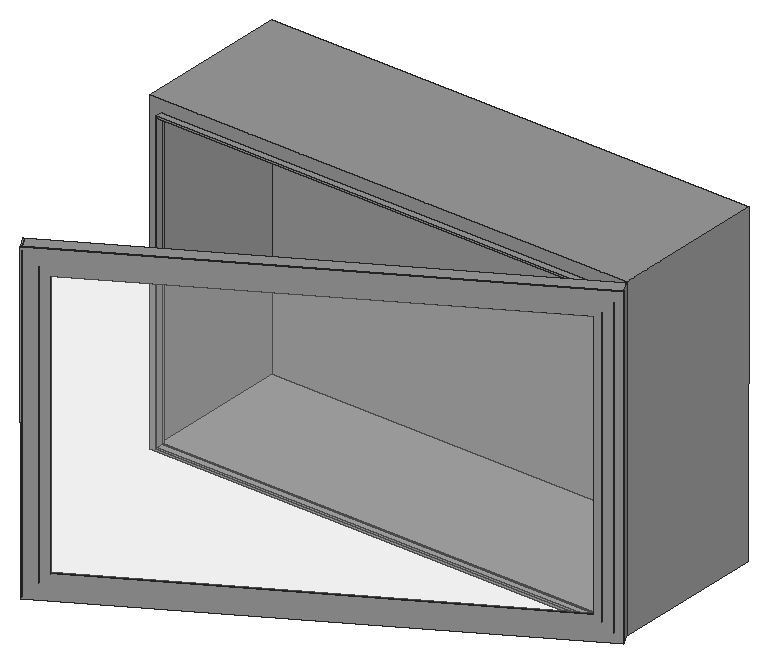
Revit family "Hager-Orion_Inox-IP66-D210-Cl.I-Inox_encl-630A-400mm-NoHosted-CH-fr", category Equipement électrique, Revit 2020
Family settings
  Configuration du panneau = Deux colonnes, circuits au sein
  Cote de connecteur circulaire = Utiliser le diamètre
  Type d'élément = Tableau de raccordement
  Basée sur le plan de construction = Oui
  Toujours verticalement = Oui
  Couper avec des vides une fois chargée = Non
  Partagée = Non
  Point de calcul de pièce = Non
Parameters (values of type "saillie IP66 L600 H400 P210  - FL017TWL")
  Width Control [instance] = if([EF000008 - largeur] > Min Width, [EF000008 - largeur], Min Width)  # 600 mm
  Commentaires du type = [HG000003 - Gamme]  # "Orion Inox"
  Thickness Door [instance] = if([EF009171 - épaisseur de matériau de la porte/du couvercle] > 3 mm, 3 mm, [EF009171 - épaisseur de matériau de la porte/du couvercle])  # 1.5 mm
  Seal Frame Offset [instance] = 17 mm  # constant formula
  Min Width [instance] = 100 mm  # constant formula
  Min Depth [instance] = (2 * [EF009170 - épaisseur de matériau du boîtier]) + 1 mm  # 4 mm
  Min Height [instance] = 100 mm  # constant formula
  Internal Frame Depth [instance] = -(Door System Depth * 0.5)  # -9 mm
  Panel Name [instance] = ""  # (empty or 0)
  Model = ""
  HG000027 - Hauteur du socle = 0 mm
  HG000026 - Installation au sol = no
  HG000024 - Hauteur de la section basse = 600 mm
  HG000023 - Armoire double section = no
  HG000016 - Visibilité de la porte 3D [instance] = yes
  HG000015 - Visibilité de l'emprise de la porte [instance] = no
  HG000014 - Porte à droite [instance] = yes
  HG000013 - Porte à gauche [instance] = not([HG000014 - Porte à droite])  # no
  HG000012 - Angle de pivotement de la porte [instance] = 30.00°
  HG000010 - Portes asymétriques = no
  HG000009 - Porte à double battant = no
  HG000006 - Encastré = no
  HG000004 - Référence fabricant = "FL017TWL"
  HG000003 - Gamme = "Orion Inox"
  HG000002 - avec porte = yes
  Frame Offset Bottom [instance] = 10 mm  # constant formula
  Frame Offset [instance] = 15 mm  # constant formula
  EF015940 - couvercle avec décharge de pression = no
  EF011959 - degré de protection (NEMA) = ""
  EF009554 - nombre d'ouvertures pour plaques à bride = 0
  EF009212 - finition du couvercle = "EV000116 - fermé"
  EF009171 - épaisseur de matériau de la porte/du couvercle = 1.5 mm
  EF009170 - épaisseur de matériau du boîtier = 1.5 mm
  EF008873 - courant nominal (In) = 630 A
  EF007800 - adapté à un parafoudre = no
  EF006306 - avec serrure = yes
  EF006244 - couvercle/porte transparent(e) = yes
  EF005474 - indice de protection (IP) = "EV006422 - IP66"
  EF004464 - type de porte = "EV002646 - unique"
  EF004427 - nombre de modules = 0
  EF004293 - indice de protection contre les chocs (IK) = "EV006814 - IK08"
  EF003532 - convient pour utilisation à l’extérieur = yes
  EF002950 - largeur en nombre de modules = 0
  EF001613 - maintien de fonction = "EV000494 - sans"
  EF001596 - matériau du boîtier/corps = "EV000166 - acier inoxydable"
  EF001131 - profondeur intérieure = 176 mm
  EF001088 - possibilité de montage en saillie = yes
  EF000437 - nombre d'entrées de conduit = 0
  EF000339 - type de capot = "EV004216 - porte"
  EF000266 - nombre de rangées = 0
  EF000218 - profondeur d'encastrement = 0 mm
  EF000118 - avec cadre/support de montage = no
  EF000116 - numéro RAL = ""
  EF000049 - profondeur = 210 mm
  EF000040 - hauteur = 400 mm
  EF000008 - largeur = 600 mm
  EF000007 - couleur = "EV000154 - autre"
  EF000003 - mode de pose = "EV000384 - saillie"
  Door System Leaf Tolerance [instance] = 1.5 mm  # constant formula
  Door System Depth [instance] = 18 mm  # constant formula
  Description = ""
  Default Elevation = 1219.2 mm
  Connector Offset [instance] = Height Control / 2  # 200 mm
  Fabricant = "Hager"  # constant formula
  Height Control [instance] = if([EF000040 - hauteur] > Min Height, [EF000040 - hauteur], Min Height)  # 400 mm
  Depth Control [instance] = if([EF000049 - profondeur] > Min Depth, [EF000049 - profondeur], Min Depth)  # 210 mm
Types (12, lengths in mm): name | Width Control | HG000004 - Référence fabricant | EF009212 - finition du couvercle | EF006306 - avec serrure | EF006244 - couvercle/porte transparent(e) | EF004293 - indice de protection contre les chocs (IK) | EF001613 - maintien de fonction | EF000008 - largeur
  saillie IP66 L300 H400 P210  - FL015BW | 300 | "FL015BW" | "EV000116 - fermé" | yes | no | "EV008784 - IK10" | "EV000494 - sans" | 300
  saillie IP66 L300 H400 P210  - FL015BWL | 300 | "FL015BWL" | "EV000116 - fermé" | yes | no | "EV008784 - IK10" | "EV000494 - sans" | 300
  saillie IP66 L300 H400 P210  - FL015TW | 300 | "FL015TW" | "EV000116 - fermé" | yes | yes | "EV006814 - IK08" | "EV000494 - sans" | 300
  saillie IP66 L300 H400 P210  - FL015TWL | 300 | "FL015TWL" | "EV000116 - fermé" | yes | yes | "EV006814 - IK08" | "EV000494 - sans" | 300
  saillie IP66 L400 H400 P210  - FL016BW | 400 | "FL016BW" | "EV009916 - avec échancrure" | no | no | "EV008784 - IK10" | "" | 400
  saillie IP66 L400 H400 P210  - FL016BWL | 400 | "FL016BWL" | "EV009916 - avec échancrure" | no | no | "EV008784 - IK10" | "" | 400
  saillie IP66 L400 H400 P210  - FL016TW | 400 | "FL016TW" | "EV000116 - fermé" | yes | yes | "EV006814 - IK08" | "EV000494 - sans" | 400
  saillie IP66 L400 H400 P210  - FL016TWL | 400 | "FL016TWL" | "EV000116 - fermé" | yes | yes | "EV006814 - IK08" | "EV000494 - sans" | 400
  saillie IP66 L600 H400 P210  - FL017BW | 600 | "FL017BW" | "EV000116 - fermé" | yes | no | "EV008784 - IK10" | "EV000494 - sans" | 600
  saillie IP66 L600 H400 P210  - FL017BWL | 600 | "FL017BWL" | "EV000116 - fermé" | yes | no | "EV008784 - IK10" | "EV000494 - sans" | 600
  saillie IP66 L600 H400 P210  - FL017TW | 600 | "FL017TW" | "EV000116 - fermé" | yes | yes | "EV006814 - IK08" | "EV000494 - sans" | 600
  saillie IP66 L600 H400 P210  - FL017TWL | 600 | "FL017TWL" | "EV000116 - fermé" | yes | yes | "EV006814 - IK08" | "EV000494 - sans" | 600
Reference planes
  plane 1 "Center (Front/Back)": y = 0
  plane 2: z = 0
  plane 3 "Center (Left/Right)": x = 0
  plane 4: y = 0
  plane 5: y = 0
  plane 6: z = 0
  plane 7: x = -300
  plane 8: x = 300
  plane 9: x = 298.5
  plane 10: x = -298.5
  plane 11: z = 0
  plane 12: z = 1.5
  plane 13: y = -210
  plane 14: y = -1.5
  plane 15: x = 0
  plane 16: y = -192
  plane 17: y = -208.5
  plane 18: y = -190.5
  plane 19: x = -283.5
  plane 20: x = 283.5
  plane 21: z = 11.5
  plane 22: x = -283
  plane 23: x = 283
  plane 24: z = 0
  plane 25: z = 400
  plane 26: z = 400
  plane 27: z = 383.5
  plane 28: z = 398.5
Forms (mm)
  Extrusion 1, solid, material "Hager_Stainless_Steel", detail levels medium+fine
    sketch origin (-208.679, -4572, 0) x (-1, 0, 0) y (0, -1, 0)
      loop
        line (91.321, -4380) -> (-508.679, -4380) -> (-508.679, -4572) -> (91.321, -4572) -> (91.321, -4380)
    from 0 to 400
  Extrusion 2, void
    sketch origin (-350.771, -210, 1219.2) x (1, 0, 0) y (0, 0, 1)
      loop
        line (52.271, -820.7) -> (52.271, -1217.7) -> (649.271, -1217.7) -> (649.271, -820.7) -> (52.271, -820.7)
    from -19.5 to -208.5
  Extrusion 3, void
    sketch origin (-290.084, -192, 1219.2) x (1, 0, 0) y (0, 0, 1)
      loop
        line (6.584, -1207.7) -> (573.584, -1207.7) -> (573.584, -835.7) -> (6.584, -835.7) -> (6.584, -1207.7)
    from 0 to -1.5
  Extrusion 4, solid, material "Hager_Stainless_Steel", detail levels fine
    sketch origin (-290.084, -192, 1219.2) x (-1, 0, 0) y (0, 0, 1)
      loop
        line (-573.584, -1207.7) -> (-6.584, -1207.7) -> (-6.584, -835.7) -> (-573.584, -835.7) -> (-573.584, -1207.7)
      loop
        line (-575.084, -1209.2) -> (-5.084, -1209.2) -> (-5.084, -834.2) -> (-575.084, -834.2) -> (-575.084, -1209.2)
    from 0 to -9 <- "Internal Frame Depth"
  Extrusion 5, solid, material "Hager_Stainless_Steel", detail levels coarse
    sketch origin (0, 0, 0) x (1, 0, 0) y (0, 1, 0)
      loop
        line (-300, 0) -> (-300, -210) -> (300, -210) -> (300, 0) -> (-300, 0)
    from 0 to 400 <- "Height Control"
Cuts and joins
  Extrusion 2, Extrusion 3 cuts Extrusion 1
Lines and regions (mm)
  Masking region 1
    outline origin (0, 0, 0) x (1, 0, 0) y (0, 1, 0)
      loop
        line (-300, 0) -> (-300, -210) -> (300, -210) -> (300, 0) -> (-300, 0)
  Masking region 2
    outline origin (-290.084, -192, 1219.2) x (-1, 0, 0) y (0, 0, 1)
      loop
        line (-590.084, -1219.2) -> (9.916, -1219.2) -> (9.916, -819.2) -> (-590.084, -819.2) -> (-590.084, -1219.2)
  Masking region 3, detail levels coarse
    outline origin (0, 0, 0) x (0, 1, 0) y (0, 0, 1)
      loop
        line (0, 0) -> (0, 400) -> (-210, 400) -> (-210, 0) -> (0, 0)
  Masking region 4, detail levels medium+fine
    outline origin (0, 0, 594.038) x (0, 1, 0) y (0, 0, 1)
      loop
        line (0, -594.038) -> (0, -194.038) -> (-192, -194.038) -> (-192, -594.038) -> (0, -594.038)
Dimensions and locks
  locked: plane 1 "Center (Front/Back)" to plane 5
  "EF009170 - épaisseur de matériau du boîtier": plane 7 to plane 10
  "EF009170 - épaisseur de matériau du boîtier": plane 8 to plane 9
  equal spacing: plane 7, plane 3 "Center (Left/Right)", plane 8
  "Width Control": plane 7 to plane 8
  "Depth Control": plane 4 to plane 13
  "EF009170 - épaisseur de matériau du boîtier": plane 4 to plane 14
  "Height Control": plane 25 to level
  "EF009170 - épaisseur de matériau du boîtier": plane 12 to plane 11
  "EF009170 - épaisseur de matériau du boîtier": plane 17 to plane 13
  "EF009170 - épaisseur de matériau du boîtier": plane 18 to plane 16
  "Frame Offset Bottom": plane 21 to plane 12
  "Frame Offset": plane 10 to plane 19
  "Frame Offset": plane 9 to plane 20
  "Door System Depth": plane 16 to plane 13
  "Seal Frame Offset": plane 7 to plane 22
  "Seal Frame Offset": plane 8 to plane 23
  "EF009170 - épaisseur de matériau du boîtier": plane 26 to plane 28
  "Frame Offset": plane 28 to plane 27
  "Connector Offset": plane 2 to connector elem
  "Thickness Door": cut or joined group of Extrusion 1, Extrusion 2, Extrusion 3 to Extrusion 4 sketch curve
  "Thickness Door": Extrusion 4 sketch curve to plane 19
  "Thickness Door": Extrusion 4 sketch curve to plane 20
  "Thickness Door": Extrusion 4 sketch curve to plane 27
  aligned and locked: Extrusion 2 sketch curve to plane 12
  aligned and locked: Extrusion 2 sketch curve to plane 9
  aligned and locked: Extrusion 2 sketch curve to plane 10
  aligned and locked: plane 14 to Extrusion 2
  aligned and locked: plane 4 to Extrusion 1 sketch curve
  aligned and locked: plane 8 to Extrusion 1 sketch curve
  aligned and locked: plane 7 to Extrusion 1 sketch curve
  aligned and locked: Extrusion 2 to plane 18
  aligned and locked: plane 19 to Extrusion 3 sketch curve
  aligned and locked: plane 20 to Extrusion 3 sketch curve
  aligned and locked: Extrusion 3 to Extrusion 2
  aligned and locked: Extrusion 3 sketch curve to plane 21
  aligned and locked: plane 3 "Center (Left/Right)" to nested 1
  aligned and locked: Extrusion 1 sketch curve to plane 16
  aligned and locked: Masking region 1 sketch curve to plane 7
  aligned and locked: Masking region 1 sketch curve to plane 5
  aligned and locked: Masking region 1 sketch curve to plane 8
  aligned and locked: Masking region 2 sketch curve to level
  aligned and locked: level to Masking region 3 sketch curve
  aligned and locked: plane 1 "Center (Front/Back)" to Masking region 3 sketch curve
  aligned and locked: plane 13 to Masking region 3 sketch curve
  aligned and locked: Masking region 2 sketch curve to plane 8
  aligned and locked: Masking region 2 sketch curve to plane 7
  aligned and locked: plane 7 to nested 2
  aligned and locked: nested 2 to plane 5
  aligned and locked: plane 5 to Masking region 4 sketch curve
  aligned and locked: plane 26 to Masking region 4 sketch curve
  aligned and locked: Extrusion 5 sketch curve to plane 8
  aligned and locked: Extrusion 5 sketch curve to plane 7
  aligned and locked: Extrusion 5 sketch curve to plane 5
  aligned and locked: Extrusion 3 sketch curve to plane 27
  aligned and locked: Extrusion 2 sketch curve to plane 28
  aligned and locked: Extrusion 4 sketch curve to plane 27
  aligned and locked: Extrusion 4 sketch curve to plane 20
  aligned and locked: Extrusion 4 sketch curve to plane 21
  aligned and locked: Extrusion 4 sketch curve to plane 19
  aligned and locked: Masking region 2 to plane 25
  aligned and locked: Masking region 4 sketch curve to plane 24
  aligned and locked: Masking region 1 to plane 13
  aligned and locked: nested 1 to plane 16
  aligned and locked: Masking region 3 to plane 25
  aligned and locked: Masking region 4 sketch curve to plane 16
  aligned and locked: plane 24 to plane 11
  aligned and locked: plane 26 to plane 25
  aligned and locked: level to plane 24
  aligned and locked: Extrusion 1 to Masking region 3
  aligned and locked: level to nested 1
Automatic sketch dimensions
  Extrusion 5 sketch curve to plane 13 = 0 mm
  plane 27 to Masking region 2 sketch curve = 16.5 mm
  plane 27 to Masking region 3 sketch curve = 16.5 mm
  Masking region 1 sketch curve to plane 13 = 0 mm
  Extrusion 3 sketch curve to plane 21 = 0 mm
  plane 19 to Extrusion 3 sketch curve = 0 mm
  Extrusion 3 sketch curve to plane 20 = 0 mm
Nested families
  nested 1: "EC000058_OrionInox_Door" at (0, -192, 0), Double <- "HG000009 - Porte à double battant", Transparent <- "EF006244 - couvercle/porte transparent(e)", Angle <- "HG000012 - Angle de pivotement de la porte", Door_Right <- "HG000014 - Porte à droite", Assymetrical <- "HG000010 - Portes asymétriques", Door <- "HG000002 - avec porte", Width_Ctrl <- "Width Control", 3d_Door <- "HG000016 - Visibilité de la porte 3D", Clearance <- "HG000015 - Visibilité de l'emprise de la porte", Door_Left <- "HG000013 - Porte à gauche", Width <- "Width Control", Door_Depth <- "Door System Depth", Leaf_Tolerance <- "Door System Leaf Tolerance", Height <- "Height Control", Thickness <- "Thickness Door", type "EC000058_OrionInox_Door", detail levels medium+fine
    with min_wh 4 mm, Width_Ctrl 600 mm, Width 600 mm, Transparent yes, Thickness 1.5 mm, Seal_Material Hager_Rubber, Leaf_Width 600 mm, Leaf_Tolerance_External_Sides 0 mm, Leaf_Tolerance 1.5 mm, Leaf_Offset 0 mm, Leaf_Height 397 mm, Leaf_2_Width 600 mm, Leaf_2_Offset 300 mm, Leaf_1_Width 600 mm, Leaf_1_Offset 300 mm, Height_Ctrl 400 mm, Height 400 mm, Glass_Material Hager_Glass, Double_Clearance_Ctrl no, Double no, Door_Right_Ctrl yes, Door_Right yes, Door_Material Hager_Stainless_Steel, Door_Left_Ctrl no, Door_Left no, Door_Depth 18 mm, Door yes, Clearance_Material Hager_Clearance, Clearance_Depth 600 mm, Clearance_Ctrl no, Clearance no, Assymetrical no, Angle 30.00°, 3d_Door yes
  nested 2: "Hager_Enclosure_Symbol" at (-300, 0, 0), Height <- "Depth Control", Width <- "Width Control", type "Hager_Enclosure_Symbol"
    with Width_Ctrl 600 mm, Width 600 mm, Height_Ctrl 210 mm, Height 210 mm, A_Width_Int 13.781 mm, A_Width 165.375 mm, A_Height_Ctrl 183.75 mm, A_Height 183.75 mm
Connectors
  electrical at (0, 0, 200)
    settings: on plane 1 "Center (Front/Back)", index 1, voltage 0 V, apparent load 0 VA, apparent load phase1 0 VA, apparent load phase2 0 VA, apparent load phase3 0 VA, power factor 1, load classification "Other", number of poles 1, system type 30, power factor state 1, is connector primary yes, connector utility no, sub classification motor no, connector description ""
Definition of nested family "EC000058_OrionInox_Door"
  Parameters (values of type "EC000058_OrionInox_Door")
    min_wh [instance] = (2 * Thickness) + 1 mm  # 11 mm
    Width_Ctrl [instance] = 400 mm
    Width [instance] = 500 mm
    Transparent [instance] = yes
    Thickness [instance] = 5 mm
    Seal_Material [instance] = none
    Leaf_Width [instance] = if((Width_Ctrl - 2 * Leaf_Tolerance_External_Sides) > 0 mm, (Width_Ctrl - 2 * Leaf_Tolerance_External_Sides), min_wh)  # 400 mm
    Leaf_Tolerance_External_Sides [instance] = 0 mm  # constant formula
    Leaf_Tolerance [instance] = 1.5 mm
    Leaf_Offset [instance] = 0 mm  # constant formula
    Leaf_Height [instance] = if((Height_Ctrl - 2 * Leaf_Tolerance) > 0 mm, (Height_Ctrl - 2 * Leaf_Tolerance), min_wh)  # 497 mm
    Leaf_2_Width [instance] = if(and(and(Double, Assymetrical), Door_Left), (Leaf_Width / 3) - (Leaf_Tolerance / 2), if(and(and(Double, Assymetrical), Door_Right), (Leaf_Width / 3) * 2 - (Leaf_Tolerance / 2), if(and(Double, not(Assymetrical)), (Leaf_Width / 2) - Leaf_Tolerance, Leaf_Width)))  # 400 mm
    Leaf_2_Offset [instance] = if(and(Double, Assymetrical), Leaf_2_Width / 2, if(and(Double, not(Assymetrical)), Leaf_Width / 4, Leaf_Width / 2))  # 200 mm
    Leaf_1_Width [instance] = if(and(and(Double, Assymetrical), Door_Right), (Leaf_Width / 3) - (Leaf_Tolerance / 2), if(and(and(Double, Assymetrical), Door_Left), (Width / 3) * 2 - (Leaf_Tolerance / 2), if(and(Double, not(Assymetrical)), (Leaf_Width / 2) - Leaf_Tolerance, Leaf_Width)))  # 400 mm
    Leaf_1_Offset [instance] = if(and(Double, Assymetrical), Leaf_1_Width / 2, if(and(Double, not(Assymetrical)), Leaf_Width / 4, Leaf_Width / 2))  # 200 mm
    Height_Ctrl [instance] = if(Height > min_wh, Height, min_wh)  # 500 mm
    Height [instance] = 500 mm
    Glass_Material [instance] = none
    Double_Clearance_Ctrl [instance] = and(Double, Clearance)  # no
    Double [instance] = no
    Door_Right_Ctrl [instance] = and(or(Door_Right, Double), Door)  # yes
    Door_Right [instance] = yes
    Door_Material [instance] = none
    Door_Left_Ctrl [instance] = and(or(Door_Left, Double), Door)  # no
    Door_Left [instance] = no
    Door_Depth [instance] = 30 mm
    Door [instance] = yes
    Default Elevation = 1219.2 mm
    Clearance_Material [instance] = none
    Clearance_Depth [instance] = if(Leaf_1_Width > Leaf_2_Width, Leaf_1_Width, Leaf_2_Width)  # 400 mm
    Clearance_Ctrl [instance] = and(not(Double), Clearance)  # yes
    Clearance [instance] = yes
    Assymetrical [instance] = yes
    Angle [instance] = 30.00°
    3d_Door [instance] = yes
  Reference planes
    plane 1 "Center (Front/Back)": y = 0
    plane 2 "Bottom": z = 0
    plane 3 "Center (Left/Right)": x = 0
    plane 4: z = 500
    plane 5: x = -200
    plane 6: x = 200
    plane 7: z = 500
    plane 8: x = -200
    plane 9: z = 0
    plane 10: x = 200
    plane 11: y = 0
    plane 12: z = 1.5
    plane 13: x = -600
    plane 14: y = -400
    plane 15: x = 600
    plane 16: x = 0
    plane 17: x = 0
    plane 18: x = -200
    plane 19: x = 200
    plane 20: z = 498.5
  Forms (mm)
    Extrusion 1, solid, material <- "Clearance_Material", visible <- "Double_Clearance_Ctrl"
      sketch origin (1200, 0, 0) x (1, 0, 0) y (0, 0, -1)
        loop
          line (-1800, -498.5) -> (-600, -498.5) -> (-600, 0) -> (-1800, 0) -> (-1800, -498.5)
      from 0 to -400
  Dimensions and locks
    equal spacing: plane 5, plane 3 "Center (Left/Right)", plane 6
    "Width_Ctrl": plane 5 to plane 6
    "Leaf_Offset": plane 5 to plane 8
    "Leaf_Offset": plane 6 to plane 10
    "Leaf_Offset": plane 9 to level
    "Leaf_Offset": plane 4 to plane 7
    "Height_Ctrl": plane 4 to level
    "Leaf_Tolerance": plane 12 to plane 9
    locked: plane 11 to plane 1 "Center (Front/Back)"
    "Leaf_1_Offset": plane 18 to plane 16
    "Leaf_2_Offset": plane 17 to plane 19
    "Leaf_1_Width": plane 13 to plane 8
    "Leaf_2_Width": plane 10 to plane 15
    "Clearance_Depth": plane 14 to plane 1 "Center (Front/Back)"
    "Leaf_Tolerance_External_Sides": plane 8 to plane 18
    "Leaf_Tolerance_External_Sides": plane 19 to plane 10
    "Leaf_Tolerance": plane 7 to plane 20
    aligned and locked: level to plane 2 "Bottom"
    aligned and locked: nested 1 to plane 16
    aligned and locked: nested 2 to plane 17
    aligned and locked: Extrusion 1 to plane 13
    aligned and locked: plane 15 to Extrusion 1
    aligned and locked: Extrusion 1 to plane 14
    aligned and locked: plane 12 to nested 1
    aligned and locked: nested 2 to plane 12
    aligned and locked: Extrusion 1 to plane 11
    aligned and locked: plane 20 to Extrusion 1
    aligned and locked: nested 2 to plane 11
    aligned and locked: nested 1 to plane 11
  Automatic sketch dimensions
    Extrusion 1 sketch curve to level = 0 mm
    plane 5 to Extrusion 1 sketch curve = 400 mm
    plane 6 to Extrusion 1 sketch curve = 400 mm
    Extrusion 1 sketch curve to plane 4 = 1.5 mm
  Nested families
    nested 1: "EC000058_OrionInox_Door_Leaf" at (0, 0, 1.5), Width <- "Leaf_1_Width", visible <- "Door_Left_Ctrl", Leaf_Height <- "Leaf_Height", Angle <- "Angle", 3d_Door <- "3d_Door", Transparent <- "Transparent", Clearance Material <- "Clearance_Material", Clearance <- "Clearance_Ctrl", Door_Material <- "Door_Material", Glass_Material <- "Glass_Material", Door_Depth <- "Door_Depth", Seal_Material <- "Seal_Material", Thickness <- "Thickness", type "EC000058_OrionInox_Door_Leaf"
      with Width 400 mm, Transparent_Ctrl yes, Transparent yes, Thickness 5 mm, Standard no, Seal_Material none, Seal_D2 8 mm, Seal_D1 1 mm, Offset_Internal_Frame 10 mm, Lock_Width 28 mm, Lock_Thickness 2 mm, Lock_Radius 6 mm, Leaf_Height 497 mm, Internal_Seal_Thickness 8 mm, Internal_Seal_Depth_2 4.5 mm, Internal_Frame_Depth 25 mm, Glass_Thickness -1 mm, Glass_Offset -2 mm, Glass_Material none, Door_Material none, Door_Depth 30 mm, Clearance Material none, Clearance yes, Angle_Ctrl 30.00°, Angle 30.00°, 3d_Door yes
    nested 2: "EC000058_OrionInox_Door_Leaf" at (0, 0, 1.5) x (-1, 0, 0) z (0, 0, 1), Width <- "Leaf_2_Width", visible <- "Door_Right_Ctrl", Leaf_Height <- "Leaf_Height", Angle <- "Angle", 3d_Door <- "3d_Door", Transparent <- "Transparent", Clearance Material <- "Clearance_Material", Clearance <- "Clearance_Ctrl", Door_Material <- "Door_Material", Glass_Material <- "Glass_Material", Door_Depth <- "Door_Depth", Seal_Material <- "Seal_Material", Thickness <- "Thickness", type "EC000058_OrionInox_Door_Leaf"
      with Width 400 mm, Transparent_Ctrl yes, Transparent yes, Thickness 5 mm, Standard no, Seal_Material none, Seal_D2 8 mm, Seal_D1 1 mm, Offset_Internal_Frame 10 mm, Lock_Width 28 mm, Lock_Thickness 2 mm, Lock_Radius 6 mm, Leaf_Height 497 mm, Internal_Seal_Thickness 8 mm, Internal_Seal_Depth_2 4.5 mm, Internal_Frame_Depth 25 mm, Glass_Thickness -1 mm, Glass_Offset -2 mm, Glass_Material none, Door_Material none, Door_Depth 30 mm, Clearance Material none, Clearance yes, Angle_Ctrl 30.00°, Angle 30.00°, 3d_Door yes
  Definition of nested family "EC000058_OrionInox_Door_Leaf"
    Parameters (values of type "EC000058_OrionInox_Door_Leaf")
      Width [instance] = 450 mm
      Transparent_Ctrl [instance] = and(Transparent, [3d_Door])  # yes
      Transparent [instance] = yes
      Thickness [instance] = 5 mm
      Standard [instance] = and(not(Transparent), [3d_Door])  # no
      Seal_Material [instance] = none
      Seal_D2 [instance] = 8 mm  # constant formula
      Seal_D1 [instance] = 1 mm  # constant formula
      Offset_Internal_Frame [instance] = 10 mm  # constant formula
      Lock_Width [instance] = Door_Depth - Lock_Thickness  # 28 mm
      Lock_Thickness [instance] = 2 mm  # constant formula
      Lock_Radius [instance] = 6 mm  # constant formula
      Leaf_Height [instance] = 450 mm
      Internal_Seal_Thickness [instance] = 8 mm  # constant formula
      Internal_Seal_Depth_2 [instance] = 4.5 mm  # constant formula
      Internal_Frame_Depth [instance] = if(Door_Depth - Thickness > 5 mm, Door_Depth - Thickness, 5 mm)  # 25 mm
      Glass_Thickness [instance] = if(Thickness > 15 mm, Glass_Offset + 10 mm, -1 mm)  # -1 mm
      Glass_Offset [instance] = if(Thickness > 15 mm, -(Thickness + 10 mm) / 2, -2 mm)  # -2 mm
      Glass_Material [instance] = none
      Door_Material [instance] = none
      Door_Depth [instance] = 30 mm
      Default Elevation = 0 mm
      Clearance Material [instance] = none
      Clearance [instance] = yes
      Angle_Ctrl [instance] = if(Angle > 180.00°, 180.00°, Angle)  # 90.00°
      Angle [instance] = 90.00°
      3d_Door [instance] = yes
    Reference planes
      plane 1 "Center (Front/Back)": y = 0
      plane 2: z = 0
      plane 3 "Center (Left/Right)": x = 0
      plane 4: y = 450
      plane 5: x = -225
      plane 6: x = 225
      plane 7: x = -675
      plane 8: z = 450
      plane 9: z = 30
      plane 10: z = 420
      plane 11: x = 195
      plane 12: x = -195
      plane 13: y = -3
      plane 14: z = 107.833
      plane 15: y = -5
      plane 16: y = -223.314
      plane 17: x = -225
      plane 18: y = 30
    Forms (mm)
      Extrusion 1, solid, material <- "Clearance Material", visible <- "Clearance"
        sketch origin (0, 0, 0) x (1, 0, 0) y (0, 0, 1)
          loop
            line (-675, 450) -> (-675, 0) -> (225, 0) -> (225, 450) -> (-675, 450)
        from 0 to -450
      Extrusion 2, solid, material <- "Door_Material", visible <- "Standard", detail levels medium+fine
        sketch origin (-225, 0, 0) x (0, 1, 0) y (-1, 0, 0)
          loop
            line (0, 30) -> (0, 25) -> (450, 25) -> (450, 30) -> (0, 30)
        from 0 to 450 <- "Leaf_Height"
      Extrusion 3, solid, material <- "Door_Material", visible <- "Transparent_Ctrl", detail levels medium+fine
        sketch origin (-225, 0, 0) x (0, 1, 0) y (-1, 0, 0)
          loop
            line (0, 25) -> (450, 25) -> (450, 30) -> (0, 30) -> (0, 25)
        from 0 to 450 <- "Leaf_Height"
      Extrusion 4, void
        sketch origin (-250, 450, 0) x (0, 1, 0) y (0, 0, -1)
          loop
            line (-30, -420) -> (-30, -30) -> (-420, -30) -> (-420, -420) -> (-30, -420)
        from 0 to 5 <- "Thickness"
      Sweep 5, solid, material <- "Seal_Material", visible <- "Transparent_Ctrl", detail levels fine
        path in 3D
          loop
            line (-250, 30, 30) -> (-250, 30, 420) -> (-250, 420, 420) -> (-250, 420, 30) -> (-250, 30, 30)
        profile origin (-250, 225, 30) x (1, 0, 0) y (0, 0, 1)
          loop
            line (0, 0) -> (0, -8) -> (1, -8) -> (1, 0) -> (0, 0)
      Extrusion 6, solid, material <- "Glass_Material", visible <- "Transparent_Ctrl", detail levels medium+fine
        sketch origin (-255, 0, 0) x (0, 1, 0) y (0, 0, -1)
          loop
            line (420, -420) -> (420, -30) -> (30, -30) -> (30, -420) -> (420, -420)
        from -2 <- "Glass_Offset" to -1 <- "Glass_Thickness"
      Extrusion 7, solid, material <- "Door_Material", visible <- "3d_Door", detail levels medium+fine
        sketch origin (-250, 450, 0) x (0, -1, 0) y (0, 0, -1)
          loop
            line (0, -450) -> (450, -450) -> (450, 0) -> (0, 0) -> (0, -450)
          loop
            line (445, -5) -> (5, -5) -> (5, -445) -> (445, -445) -> (445, -5)
        from 0 to 25 <- "Internal_Frame_Depth"
      Sweep 8, solid, material <- "Seal_Material", visible <- "Transparent_Ctrl", detail levels fine
        path in 3D
          loop
            line (-250, 0, 0) -> (-250, 450, 0) -> (-250, 450, 450) -> (-250, 0, 450) -> (-250, 0, 0)
        profile origin (-250, 0, 225) x (1, 0, 0) y (0, 1, 0)
          loop
            line (0, 10) -> (2.975, 10)
            arc (2.975, 10) -> (4.053, 10.447) -> (4.5, 11.525) r 1.525
            line (4.5, 11.525) -> (4.5, 16.527)
            arc (4.5, 16.527) -> (4.069, 17.569) -> (3.027, 18) r 1.473
            line (3.027, 18) -> (0, 18) -> (0, 10)
    Cuts and joins
      Extrusion 4 cuts Extrusion 3
    Lines and regions (mm)
      Masking region 1, detail levels medium+fine
        outline origin (0, 0, 0) x (0, 1, 0) y (0, 0, 1)
          loop
            line (0, 0) -> (30, 0) -> (30, 450) -> (0, 450) -> (0, 0)
      Masking region 2, detail levels medium+fine
        outline origin (0, 0, 0) x (1, 0, 0) y (0, 0, 1)
          loop
            line (-225, 450) -> (-225, 0) -> (225, 0) -> (225, 450) -> (-225, 450)
      symbolic lines
        curve 1: line (225, 0, 0) -> (-675, 0, 0)
        curve 2: arc (225, 0, 0) -> (-225, 450, 0) -> (-675, 0, 0) r 450
        curve 4: line (-255, 0, 0) -> (-255, 450, 0)
      reference lines
        curve 3: line (-225, 0, 0) -> (-225, 450, 0)
      symbolic lines, detail levels medium+fine
        curve 5: line (-255, 450, 0) -> (-250, 450, 0)
        curve 7: line (-250, 0, 0) -> (-255, 0, 0)
        curve 8: line (-250, 0, 0) -> (-225, 0, 0)
        curve 9: line (-225, 0, 0) -> (-225, 450, 0)
        curve 10: line (-225, 450, 0) -> (-250, 450, 0)
      symbolic lines, detail levels fine
        curve 6: line (-250, 450, 0) -> (-250, 0, 0)
      sketch lines
        curve 11: line (-250, 0, 450) -> (-250, 0, 0)
        curve 12: line (-250, 450, 0) -> (-250, 0, 0)
        curve 13: line (-250, 450, 450) -> (-250, 450, 0)
        curve 14: line (-250, 0, 450) -> (-250, 450, 450)
        curve 15: line (-250, 420, 30) -> (-250, 30, 30)
        curve 16: line (-250, 30, 30) -> (-250, 30, 420)
        curve 17: line (-250, 420, 420) -> (-250, 420, 30)
        curve 18: line (-250, 30, 420) -> (-250, 420, 420)
      symbolic lines, visible <- "Transparent", detail levels medium+fine
        curve 19: line (-195, 0, 420) -> (195, 0, 420)
        curve 20: line (-195, 0, 30) -> (-195, 0, 420)
        curve 21: line (195, 0, 30) -> (-195, 0, 30)
        curve 22: line (195, 0, 420) -> (195, 0, 30)
    Dimensions and locks
      "Width": plane 1 "Center (Front/Back)" to plane 4
      equal spacing: plane 5, plane 3 "Center (Left/Right)", plane 6
      "Width": plane 5 to plane 6
      "Width": plane 7 to plane 5
      "Leaf_Height": plane 8 to level
      "Width": curve 5 to curve 3
      "Width": curve 3 to curve 3
      plane 8 to plane 10 = 30 mm
      plane 9 to level = 30 mm
      plane 12 to plane 5 = 30 mm
      plane 6 to plane 11 = 30 mm
      Extrusion 4 sketch curve to Extrusion 3 = 30 mm
      Extrusion 3 to Extrusion 4 sketch curve = 30 mm
      Extrusion 1 to Extrusion 4 sketch curve = 30 mm
      curve 3 to Extrusion 4 sketch curve = 30 mm
      Extrusion 4 sketch curve to cut or joined group of Extrusion 3, Extrusion 4 = 30 mm
      cut or joined group of Extrusion 3, Extrusion 4 to Extrusion 6 sketch curve = 30 mm
      cut or joined group of Extrusion 3, Extrusion 4 to Extrusion 4 sketch curve = 30 mm
      "Thickness": curve 6 to curve 4
      "Thickness": Extrusion 7 sketch curve to Extrusion 7 sketch curve  (x4)
      "Door_Depth": curve 4 to curve 3
      "Offset_Internal_Frame": profile plane to Sweep 8 sketch curve
      "Internal_Seal_Thickness": Sweep 8 sketch curve to Sweep 8 sketch curve
      "Internal_Seal_Depth_2": profile plane to Sweep 8 sketch curve
      "Seal_D1": profile plane to Sweep 5 sketch curve
      "Seal_D2": profile plane to Sweep 5 sketch curve
      "Thickness": Extrusion 2 sketch curve to Extrusion 2 sketch curve
      "Door_Depth": plane 18 to plane 1 "Center (Front/Back)"
      radius of Sweep 8 sketch curve = 1.525 mm
      radius of Sweep 8 sketch curve = 1.473 mm
      "Angle_Ctrl": angle plane 1 "Center (Front/Back)" to curve 3
      aligned and locked: level to plane 2
      aligned and locked: Extrusion 1 to curve 1
      aligned and locked: plane 6 to Extrusion 1
      aligned and locked: plane 1 "Center (Front/Back)" to Extrusion 1
      aligned and locked: plane 4 to Extrusion 1
      aligned and locked: plane 8 to Extrusion 1
      aligned and locked: curve 7 to Extrusion 2 sketch curve
      aligned and locked: curve 5 to Extrusion 2 sketch curve
      aligned and locked: curve 7 to Extrusion 3 sketch curve
      aligned and locked: Extrusion 3 sketch curve to curve 4
      aligned and locked: Extrusion 3 sketch curve to curve 6
      aligned and locked: Extrusion 3 sketch curve to curve 5
      aligned and locked: curve 9 to curve 3
      aligned and locked: Extrusion 7 sketch curve to cut or joined group of Extrusion 3, Extrusion 4  (x4)
      aligned and locked: plane 17 to curve 3
      aligned and locked: plane 1 "Center (Front/Back)" to curve 3
      aligned and locked: plane 17 to plane 5
      aligned and locked: Sweep 8 sketch curve to profile plane
      aligned and locked: Sweep 5 sketch curve to profile plane  (x2)
      aligned and locked: plane 1 "Center (Front/Back)" to Masking region 1 sketch curve
      aligned and locked: plane 18 to Masking region 1 sketch curve
      aligned and locked: level to Masking region 1 sketch curve
      aligned and locked: Masking region 1 sketch curve to plane 8
      aligned and locked: plane 17 to Masking region 2 sketch curve
      aligned and locked: level to Masking region 2 sketch curve
      aligned and locked: Masking region 2 sketch curve to plane 8
      aligned and locked: plane 12 to curve 20
      aligned and locked: plane 10 to curve 19
      aligned and locked: plane 11 to curve 22
      aligned and locked: plane 9 to curve 21
      aligned and locked: Extrusion 2 sketch curve to cut or joined group of Extrusion 3, Extrusion 4
    Automatic sketch dimensions
      plane 1 "Center (Front/Back)" to curve 2 = 0 mm
      curve 2 to plane 5 = 0 mm
      Extrusion 1 sketch curve to level = 0 mm
      Extrusion 1 sketch curve to plane 7 = 0 mm
      Extrusion 1 sketch curve to plane 6 = 0 mm
      Extrusion 1 sketch curve to plane 8 = 0 mm
      Extrusion 3 to Extrusion 6 sketch curve = 30 mm  (x4)
      Masking region 2 sketch curve to plane 6 = 0 mm
      curve 4 to curve 3 = 0 mm
Definition of nested family "Hager_Enclosure_Symbol"
  Parameters (values of type "Hager_Enclosure_Symbol")
    Width_Ctrl [instance] = if(Width > 1 mm, Width, 1 mm)  # 102.27 mm
    Width [instance] = 102.27 mm
    Height_Ctrl [instance] = if(Height > 1 mm, Height, 1 mm)  # 66.5 mm
    A_Width_Int [instance] = if(A_Width / 12 > 2 mm, A_Width / 12, 2 mm)  # 4.364 mm
    A_Width [instance] = if(A_Height_Ctrl * 0.9 > 2 mm, A_Height_Ctrl * 0.9, 2 mm)  # 52.369 mm
    A_Height_Ctrl [instance] = if(A_Height > 2 mm, A_Height, 2 mm)  # 58.188 mm
    Height [instance] = 66.5 mm
    A_Height [instance] = Height - (Height / 8)  # 58.188 mm
  Reference planes
    plane 1 "Centre (avant/arrière)": y = 0
    plane 2: z = 0
    plane 3 "Centre (gauche/droite)": x = 0
    plane 4: x = 52.369
    plane 5: y = 33.042
    plane 6: y = 41.77
    plane 7: y = 66.5
    plane 8: x = 26.184
    plane 9: y = 37.406
    plane 10: x = 102.27
    plane 11: y = 66.5
    plane 12: y = 8.313
  Lines and regions (mm)
    Filled region 1, type "Solid_Black", in view "Niveau de réf."
      outline origin (0, 0, 0) x (1, 0, 0) y (0, 1, 0)
        loop
          line (52.369, 66.5) -> (33.188, 54.536) -> (45.365, 45.006) -> (52.369, 66.5)
    Filled region 2, type "Solid_Black", in view "Niveau de réf."
      outline origin (0, 0, 0) x (1, 0, 0) y (0, 1, 0)
        loop
          line (0, 0) -> (102.27, 0) -> (102.27, 66.5) -> (0, 0)
    detail lines, in view "Niveau de réf."
      curve 1: line (0, 8.313, 0) -> (26.184, 41.77, 0)
      curve 2: line (26.184, 41.77, 0) -> (26.184, 33.042, 0)
      curve 3: line (26.184, 33.042, 0) -> (52.369, 66.5, 0)
  Dimensions and locks
    "A_Width": plane 3 "Centre (gauche/droite)" to plane 4
    equal spacing: plane 3 "Centre (gauche/droite)", plane 8, plane 4
    equal spacing: plane 6, plane 9, plane 5
    equal spacing: curve 3, Filled region 1 sketch curve, Filled region 1 sketch curve
    "Height_Ctrl": plane 1 "Centre (avant/arrière)" to plane 11
    "A_Height_Ctrl": plane 11 to plane 12
    equal spacing: plane 11, plane 9, plane 12
    "A_Width_Int": plane 6 to plane 9
    "Width_Ctrl": plane 3 "Centre (gauche/droite)" to plane 10
    angle Filled region 1 sketch curve to curve 3 = 20.00°
    angle curve 3 to Filled region 1 sketch curve = 20.00°
    locked: curve 3 to Filled region 1 sketch curve (angle 90.00°)
    aligned and locked: plane 10 to Filled region 2
    aligned and locked: plane 11 to Filled region 2 sketch curve
    aligned and locked: plane 10 to Filled region 2 sketch curve
    aligned and locked: plane 3 "Centre (gauche/droite)" to curve 1
    aligned and locked: plane 12 to curve 1
    aligned and locked: plane 7 to plane 11
  Automatic sketch dimensions
    Filled region 1 sketch curve to plane 4 = 0 mm
    Filled region 1 sketch curve to plane 7 = 0 mm
    plane 1 "Centre (avant/arrière)" to Filled region 2 sketch curve = 0 mm
    Filled region 2 sketch curve to plane 3 "Centre (gauche/droite)" = 0 mm
    curve 2 to plane 6 = 0 mm
    curve 2 to plane 8 = 0 mm
    curve 3 to plane 4 = 0 mm
    curve 2 to plane 5 = 0 mm
    curve 3 to plane 7 = 0 mm
